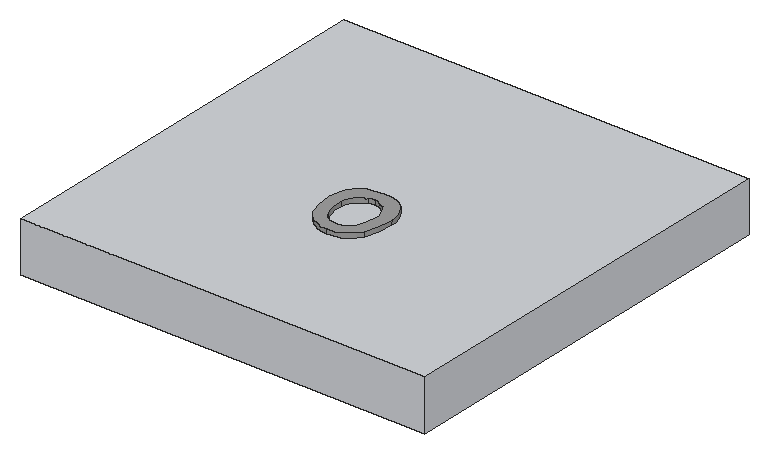
Revit family "ASH_ArmitageShanks_WCPans_Contour21_S3047", category Plumbing Fixtures, host Face, Revit 2012
Parameters (values of type "S4059LJ - Contour 21 Toilet Seat No Cover 355mm High Pan, Bottom Fixing Hinges - Light Grey")
  WaterEfficientProduct = no
  WarrantyStartDate [instance] = "1900-12-31-T23:59:59"
  WarrantyGuarantorParts = "Productinfo@thebluebook.co.uk"
  WarrantyGuarantorLabor = "n/a"
  WarrantyDurationUnit = "year"
  WarrantyDurationParts = "5"
  WarrantyDurationLabor = "n/a"
  WarrantyDescription = "Manufacturers Warranty"
  WRAS = no
  VolumeUnits = "Litres"
  Version = "2"
  Uniclass2 = "Pr_40_20_93_95"
  URL = "www.idealspec.co.uk"
  Type Comments = "n/a"
  TagNumber [instance] = "n/a"
  SustainabilityPerformance = "n/a"
  SpareParts = "www.fastpart-spares.co.uk"
  Space = "Internal"
  Size = "430 x 375 x 25 mm"
  Shape = "Ring"
  SerialNumber [instance] = "n/a"
  SeatType = "RingSeat"
  SeatMaterial = "Plastic"
  SeatHasCover = no
  SeatSKU = ASH_ArmitageShanks _WC_LightGreyLJ_Render
  SeatColor = "White"
  Revision = "n/a"
  ReplacementCost = "n/a"
  ProductInformation = "www.idealspec.co.uk/assets/datasheet/S4059LJ"
  Phone = "01543 490253"
  NominalWidth = 375 mm
  NominalLength = 430 mm
  NominalHeight = 25 mm
  NominalDepth = 430 mm
  NettWeight = "1.6Kg"
  Name = "WCSeats_Contour21-355Pan-SeatOnly-AllVariants_ArmitageShanks"
  NBSTypeID = "n/a"
  NBSReference = "45-35-70/391"
  NBSOfficeMasterTag = "n/a"
  NBSNote = "n/a"
  NBSDescription = "WC seats and covers"
  NBSCertification = "n/a"
  ModelReference = "Contour 21 toilet seat no cover 355 mm high pan, bottom fixing hinges"
  ModelNumber = "S4059LJ"
  Model = "S4059LJ"
  Material = "Plastic"
  ManufacturerURL = "www.idealspec.co.uk"
  Manufacturer = "Productinfo@thebluebook.co.uk"
  LinearUnits = "millimeters"
  InstallationInstructions = "www.idealspec.co.uk/resources.html"
  InstallationDate [instance] = "1900-12-31-T23:59:59"
  IfcExportType = "WCSEAT"
  IfcExportAs = "IfcSanitaryTerminalType"
  Help = "www.idealspec.co.uk/contact-us.html"
  GrossWeight = "n/a"
  Grade = "n/a"
  Finish = Color  # "L Grey"
  Features = "Seat no cover 355 mm high pan, bottom fixing hinges"
  ExpectedLife = "15"
  ECA = no
  DurationUnit = "year"
  DistributedBy = "n/a"
  Description = "Contour 21 toilet seat no cover 355 mm high pan, bottom fixing hinges"
  Default Elevation = 0 mm
  CurrencyUnit = "n/a"
  CreatedOn = "2014-11-03"
  Constituents = "n/a"
  ConnectionType = "Mechanical"
  Color = "L Grey"
  CodePerformance = "n/a"
  Category = "n/a"
  Brand = "Armitage Shanks"
  BarCode [instance] = "5017830382577"
  BIMObjectName = "ASH_ArmitageShanks_WCSeats_Contour21-355Pan-SeatOnly_S4059LJ"
  Author = "Ideal Standard (UK) Ltd"
  AssetType = "Fixed"
  AssetIdentifier [instance] = "n/a"
  Assembly Code = "C1030200"
  AreaUnits = "millimeters"
  AreaMeasurement = "n/a"
  Accessories = "www.idealspec.co.uk"
  AccessibilityPerformance = "n/a"
Types (5, lengths in mm): name | SeatSKU | ProductInformation | NominalWidth | NominalLength | NominalDepth | ModelNumber | Model | Finish | Color | BarCode | BIMObjectName
  S405901 - Contour 21 Toilet Seat No Cover 355mm High Pan, Bottom Fixing Hinges - White | ASH_ArmitageShanks _WC_White2_Render | "www.idealspec.co.uk/assets/datasheet/S405901" | 0 | 0 | 0 | "S405901" | "S405901" | "White" | "White" | "5017830379973" | "ASH_ArmitageShanks_WCSeats_Contour21-355Pan-SeatOnly_S405901"
  S4059LJ - Contour 21 Toilet Seat No Cover 355mm High Pan, Bottom Fixing Hinges - Light Grey | ASH_ArmitageShanks _WC_LightGreyLJ_Render | "www.idealspec.co.uk/assets/datasheet/S4059LJ" | 375 | 430 | 430 | "S4059LJ" | "S4059LJ" | "L Grey" | "L Grey" | "5017830382577" | "ASH_ArmitageShanks_WCSeats_Contour21-355Pan-SeatOnly_S4059LJ"
  S4059GQ - Contour 21 Toilet Seat No Cover 355mm High Pan, Bottom Fixing Hinges - Red | ASH_ArmitageShanks _WCSeat_RedGQ_Render | "www.idealspec.co.uk/assets/datasheet/S4059GQ" | 0 | 0 | 0 | "S4059GQ" | "S4059GQ" | "Red" | "Red" | "5017830382584" | "ASH_ArmitageShanks_WCSeats_Contour21-355Pan-SeatOnly_S4059GQ"
  S405936 - Contour 21 Toilet Seat No Cover 355mm High Pan, Bottom Fixing Hinges - Blue | ASH_ArmitageShanks _WC_Blue36_Render | "www.idealspec.co.uk/assets/datasheet/S405936" | 0 | 0 | 0 | "S405901" | "S405901" | "Blue" | "Blue" | "5017830379973" | "ASH_ArmitageShanks_WCSeats_Contour21-355Pan-SeatOnly_S405901"
  S405966 - Contour 21 Toilet Seat No Cover 355mm High Pan, Bottom Fixing Hinges - Black | ASH_ArmitageShanks _WC_Black66_Render | "www.idealspec.co.uk/assets/datasheet/S405966" | 0 | 0 | 0 | "S405901" | "S405901" | "Black" | "Black" | "5017830379973" | "ASH_ArmitageShanks_WCSeats_Contour21-355Pan-SeatOnly_S405901"
Reference planes
  plane 1 "Center (Front/Back)": y = 0
  plane 2: z = 0
  plane 3 "Center (Left/Right)": x = 0
  plane 4: x = 187.5
  plane 5: x = 187.5
  plane 6: x = -187.5
  plane 7: y = -434.65
Forms (mm)
  Extrusion 1, solid
    sketch origin (0, 0, 0) x (1, 0, 0) y (0, 1, 0)
      loop
        line (-1219.2, 1219.2) -> (-1219.2, -1219.2) -> (1219.2, -1219.2) -> (1219.2, 1219.2) -> (-1219.2, 1219.2)
    from 0 to -304.8
  Extrusion 2, solid, material "ASH_ArmitageShanks _WC_LightGreyLJ_Render" <- "SeatSKU", detail levels medium+fine
    sketch origin (0, 0, 0) x (1, 0, 0) y (0, 1, 0)
      loop
        arc (154.752, -343.779) -> (179.659, -262.665) -> (187.5, -178.178) r 413.872
        arc (187.5, -178.178) -> (169.654, -98.838) -> (120.864, -33.779) r 194.047
        arc (120.864, -33.779) -> (102.271, -19.22) -> (80.328, -10.494) r 82.904
        arc (80.328, -10.494) -> (40.442, -3.123) -> (0, 0) r 383.995
        arc (0, 0) -> (-40.442, -3.123) -> (-80.328, -10.494) r 383.995
        arc (-80.328, -10.494) -> (-102.271, -19.22) -> (-120.864, -33.779) r 82.904
        arc (-120.864, -33.779) -> (-169.654, -98.838) -> (-187.5, -178.178) r 194.047
        arc (-187.5, -178.178) -> (-179.659, -262.665) -> (-154.752, -343.779) r 413.872
        arc (-154.752, -343.779) -> (-89.501, -409.862) -> (0, -434.65) r 180.098
        arc (0, -434.65) -> (89.501, -409.862) -> (154.752, -343.779) r 180.098
      loop
        arc (84.866, -319.005) -> (107.974, -254.472) -> (112.807, -186.096) r 251.592
        arc (112.807, -186.096) -> (88.524, -121.435) -> (32.519, -81.009) r 119.508
        arc (32.519, -81.009) -> (16.481, -76.699) -> (0, -74.654) r 119.508
        arc (0, -74.654) -> (-16.481, -76.699) -> (-32.519, -81.009) r 119.508
        arc (-32.519, -81.009) -> (-88.524, -121.435) -> (-112.807, -186.096) r 119.508
        arc (-112.807, -186.096) -> (-107.974, -254.472) -> (-84.866, -319.005) r 251.592
        arc (-84.866, -319.005) -> (-48.829, -354.277) -> (0, -366.862) r 97.629
        arc (0, -366.862) -> (48.829, -354.277) -> (84.866, -319.005) r 97.629
    from 0 to 25
Dimensions and locks
  locked: plane 1 "Center (Front/Back)" to plane 7 at 434.65
  locked: plane 6 to plane 5 at 375
  "NominalHeight": Extrusion 2 to Extrusion 1
  aligned and locked: plane 2 to Extrusion 1
  aligned and locked: level to Extrusion 1
Automatic sketch dimensions
  Extrusion 1 sketch curve to Extrusion 1 sketch curve = 2438.4 mm  (x2)
  Extrusion 2 sketch curve to Extrusion 2 sketch curve = 0 mm  (x8)
  Extrusion 2 sketch curve to plane 6 = 0 mm  (x2)
  plane 1 "Center (Front/Back)" to Extrusion 2 sketch curve = 0 mm
  Extrusion 2 sketch curve to plane 3 "Center (Left/Right)" = 0 mm  (x4)
  Extrusion 2 sketch curve to plane 4 = 0 mm  (x2)
  Extrusion 2 sketch curve to plane 7 = 0 mm
  plane 6 to Extrusion 2 sketch curve = 38.851 mm
  Extrusion 2 sketch curve to plane 6 = 32.748 mm
  Extrusion 2 sketch curve to plane 6 = 49.264 mm
  plane 1 "Center (Front/Back)" to Extrusion 2 sketch curve = 33.779 mm  (x2)
  Extrusion 2 sketch curve to plane 6 = 66.636 mm
  Extrusion 2 sketch curve to Extrusion 2 sketch curve = 25.429 mm  (x2)
  Extrusion 2 sketch curve to Extrusion 2 sketch curve = 69.886 mm
  plane 1 "Center (Front/Back)" to Extrusion 2 sketch curve = 10.494 mm  (x2)
  Extrusion 2 sketch curve to Extrusion 2 sketch curve = 40.536 mm
  Extrusion 2 sketch curve to Extrusion 2 sketch curve = 60.977 mm
  Extrusion 2 sketch curve to Extrusion 2 sketch curve = 28.458 mm  (x2)
  Extrusion 2 sketch curve to plane 3 "Center (Left/Right)" = 9.302 mm
  Extrusion 2 sketch curve to plane 3 "Center (Left/Right)" = 6.537 mm
  Extrusion 2 sketch curve to plane 3 "Center (Left/Right)" = 6.441 mm
  Extrusion 2 sketch curve to plane 3 "Center (Left/Right)" = 1.694 mm
  Extrusion 2 sketch curve to plane 3 "Center (Left/Right)" = 0.875 mm
  plane 3 "Center (Left/Right)" to Extrusion 2 sketch curve = 0.875 mm
  plane 3 "Center (Left/Right)" to Extrusion 2 sketch curve = 1.694 mm
  plane 3 "Center (Left/Right)" to Extrusion 2 sketch curve = 6.441 mm
  plane 3 "Center (Left/Right)" to Extrusion 2 sketch curve = 6.537 mm
  plane 3 "Center (Left/Right)" to Extrusion 2 sketch curve = 32.519 mm
  plane 3 "Center (Left/Right)" to Extrusion 2 sketch curve = 80.328 mm
  plane 3 "Center (Left/Right)" to Extrusion 2 sketch curve = 84.866 mm
  plane 4 to Extrusion 2 sketch curve = 74.693 mm
  plane 4 to Extrusion 2 sketch curve = 32.748 mm
  Extrusion 2 sketch curve to plane 4 = 38.851 mm
  Extrusion 2 sketch curve to Extrusion 2 sketch curve = 17.021 mm
  plane 7 to Extrusion 2 sketch curve = 90.871 mm  (x2)
  Extrusion 2 sketch curve to Extrusion 2 sketch curve = 24.773 mm  (x2)
  Extrusion 2 sketch curve to Extrusion 2 sketch curve = 24.535 mm
